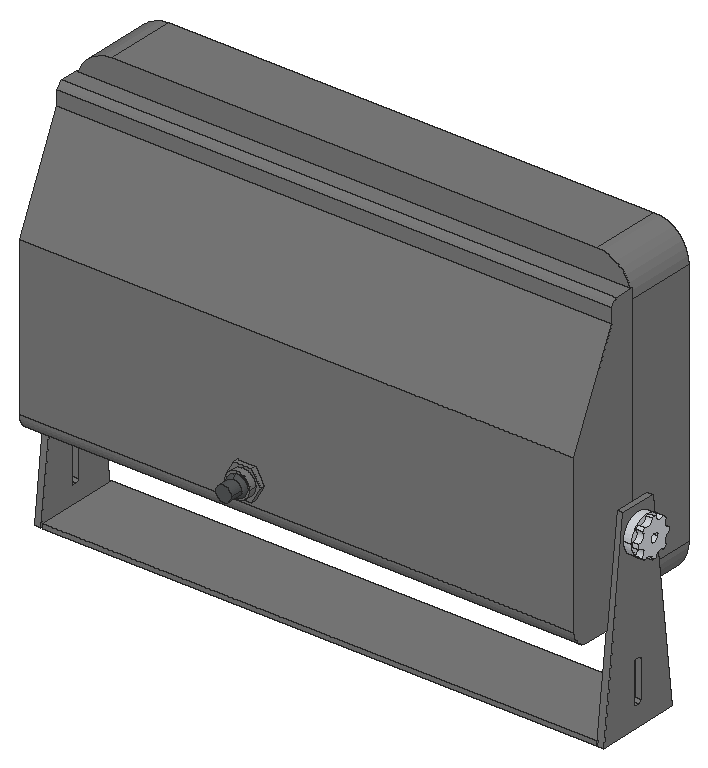
Revit family "WALL WASHER PRO_LV363WW.60", category Luminarias, Revit 2019 (continued)
Parameters (values of type "REFL_LV363WW.60")
    424.78  2598.60  2772.42  2873.95  2903.17  2932.39  2834.72  2737.05  2576.59  2353.34  \r\n 2130.09  1897.09  1664.09  1469.96  1314.71  1159.46  1004.21  848.96   693.71   538.46   \r\n 383.21   346.57   309.93   273.29   236.66   200.02   163.38   126.74   102.29   90.04    \r\n 77.78    72.30    66.81    61.33    55.84    50.36    44.87    39.39    33.91    28.42    \r\n 22.94    17.45    11.97    8.93     8.34     7.75     7.17     6.58     5.99     5.40     \r\n 4.81     \r\n5.46     6.49     7.52     8.55     9.58     10.62    11.65    12.68    15.75    20.86    \r\n 25.97    31.08    36.19    41.30    46.41    51.52    56.64    61.75    66.86    71.97    \r\n 77.08    90.89    104.70   136.17   185.28   234.40   283.52   332.63   381.75   430.87   \r\n 479.98   636.71   793.44   950.17   1106.89  1263.62  1420.35  1577.08  1755.65  1956.07  \r\n 2156.48  2309.49  2462.49  2550.82  2574.49  2598.15  2512.29  2426.42  2287.95  2096.88  \r\n 1905.81  1699.90  1494.00  1322.12  1184.26  1046.40  908.54   770.68   632.82   494.95   \r\n 357.09   323.52   289.94   256.36   222.79   189.21   155.63   122.06   99.42    87.71    \r\n 76.01    70.66    65.31    59.96    54.61    49.26    43.91    38.56    33.21    27.86    \r\n 22.51    17.16    11.81    8.85     8.28     7.70     7.12     6.54     5.97     5.39     \r\n 4.81     \r\n5.44     6.46     7.48     8.51     9.53     10.55    11.57    12.59    15.60    20.59    \r\n 25.58    30.57    35.56    40.55    45.54    50.53    55.52    60.51    65.50    70.48    \r\n 75.47    88.64    101.81   130.92   175.99   221.05   266.11   311.17   356.23   401.29   \r\n 446.35   583.68   721.02   858.35   995.69   1133.02  1270.35  1407.69  1563.57  1738.00  \r\n 1912.44  2044.33  2176.23  2252.60  2273.44  2294.27  2219.40  2144.52  2023.37  1855.96  \r\n 1688.55  1512.40  1336.24  1187.14  1065.10  943.05   821.00   698.96   576.91   454.86   \r\n 332.82   302.13   271.44   240.76   210.07   179.38   148.70   118.01   96.97    85.58    \r\n 74.19    68.98    63.76    58.55    53.34    48.12    42.91    37.70    32.49    27.27    \r\n 22.06    16.85    11.64    8.75     8.18     7.62     7.06     6.49     5.93     5.36     \r\n 4.80     \r\n5.44     6.45     7.46     8.47     9.48     10.49    11.50    12.51    15.44    20.30    \r\n 25.16    30.03    34.89    39.75    44.61    49.47    54.33    59.19    64.06    68.92    \r\n 73.78    86.55    99.32    126.16   167.05   207.95   248.84   289.74   330.63   371.53   \r\n 412.43   532.62   652.82   773.01   893.21   1013.40  1133.60  1253.79  1388.45  1537.58  \r\n 1686.70  1801.63  1916.55  1982.83  2000.46  2018.08  1953.98  1889.89  1785.85  1641.89  \r\n 1497.92  1344.65  1191.37  1061.04  953.65   846.26   738.87   631.49   524.10   416.71   \r\n 309.33   281.37   253.42   225.47   197.52   169.57   141.61   113.66   94.21    83.27    \r\n 72.32    67.25    62.18    57.11    52.04    46.97    41.90    36.83    31.76    26.68    \r\n 21.61    16.54    11.47    8.66     8.11     7.57     7.02     6.47     5.92     5.37     \r\n 4.82     \r\n5.43     6.43     7.42     8.42     9.42     10.41    11.41    12.41    15.28    20.02    \r\n 24.76    29.51    34.25    38.99    43.74    48.48    53.22    57.97    62.71    67.45    \r\n 72.19    84.36    96.53    121.31   158.69   196.07   233.45   270.83   308.20   345.58   \r\n 382.96   487.82   592.67   697.52   802.37   907.23   1012.08  1116.93  1232.75  1359.53  \r\n 1486.32  1585.54  1684.77  1742.45  1758.57  1774.70  1720.05  1665.40  1577.50  1456.35  \r\n 1335.19  1199.66  1064.12  949.17   854.81   760.44   666.08   571.72   477.35   382.99   \r\n 288.62   263.09   237.56   212.02   186.49   160.95   135.42   109.89   91.81    81.19    \r\n 70.56    65.62    60.68    55.74    50.80    45.86    40.92    35.98    31.04    26.10    \r\n 21.16    16.22    11.28    8.55     8.01     7.48     6.95     6.41     5.88     5.34     \r\n 4.81     \r\n5.44     6.42     7.41     8.39     9.37     10.35    11.34    12.32    15.12    19.74    \r\n 24.36    28.98    33.60    38.22    42.84    47.46    52.08    56.70    61.32    65.94    \r\n 70.56    82.29    94.01    116.83   150.76   184.69   218.62   252.54   286.47   320.40   \r\n 354.33   445.26   536.19   627.12   718.05   808.98   899.92   990.85   1093.19  1206.93  \r\n 1320.67  1399.49  1478.31  1524.50  1538.05  1551.59  1505.03  1458.46  1382.65  1277.59  \r\n 1172.53  1058.67  944.81   846.59   764.01   681.43   598.85   516.27   433.69   351.10   \r\n 268.52   245.31   222.10   198.89   175.68   152.46   129.25   106.04   89.31    79.05    \r\n 68.79    63.99    59.18    54.37    49.56    44.75    39.94    35.13    30.33    25.52    \r\n 20.71    15.90    11.09    8.43     7.91     7.40     6.88     6.36     5.85     5.33     \r\n 4.81     \r\n5.41     6.39     7.36     8.33     9.31     10.28    11.26    12.23    14.97    19.47    \r\n 23.97    28.47    32.97    37.47    41.97    46.47    50.97    55.47    59.97    64.47    \r\n 68.98    80.16    91.35    112.32   143.09   173.86   204.63   235.40   266.17   296.94   \r\n 327.71   406.42   485.12   563.83   642.54   721.25   799.96   878.67   965.44   1060.27  \r\n 1155.11  1224.15  1293.19  1336.11  1352.91  1369.71  1324.57  1279.44  1212.54  1123.88  \r\n 1035.22  937.80   840.38   755.57   683.37   611.17   538.96   466.76   394.55   322.35   \r\n 250.15   229.01   207.87   186.74   165.60   144.46   123.32   102.19   86.69    76.85    \r\n 67.00    62.33    57.65    52.97    48.30    43.62    38.95    34.27    29.59    24.92    \r\n 20.24    15.57    10.89    8.30     7.80     7.31     6.81     6.31     5.81     5.31     \r\n 4.81     \r\n5.42     6.38     7.34     8.30     9.26     10.22    11.18    12.14    14.81    19.19    \r\n 23.57    27.95    32.33    36.71    41.09    45.47    49.85    54.23    58.61    62.99    \r\n 67.37    78.06    88.75    108.01   135.83   163.65   191.46   219.28   247.10   274.92   \r\n 302.74   370.62   438.51   506.39   574.28   642.16   710.04   777.93   852.02   932.31   \r\n 1012.61  1071.48  1130.35  1165.43  1176.73  1188.03  1152.58  1117.13  1061.63  986.08   \r\n 910.53   826.91   743.29   670.25   607.81   545.36   482.91   420.46   358.01   295.57   \r\n 233.12   213.91   194.69   175.48   156.27   137.05   117.84   98.63    84.27    74.75    \r\n 65.24    60.70    56.15    51.61    47.06    42.52    37.97    33.43    28.88    24.33    \r\n 19.79    15.24    10.70    8.18     7.70     7.22     6.73     6.25     5.77     5.28     \r\n 4.80     \r\n5.43     6.37     7.31     8.25     9.19     10.14    11.08    12.02    14.62    18.88    \r\n 23.13    27.39    31.65    35.91    40.17    44.42    48.68    52.94    57.20    61.45    \r\n 65.71    75.96    86.21    103.88   128.99   154.09   179.19   204.30   229.40   254.50   \r\n 279.61   337.90   396.19   454.49   512.78   571.08   629.37   687.66   750.69   818.44   \r\n 886.19   936.31   986.43   1016.41  1026.28  1036.14  1005.64  975.13   929.07   867.44   \r\n 805.81   733.33   660.84   597.38   542.95   488.52   434.09   379.66   325.22   270.79   \r\n 216.36   199.01   181.66   164.32   146.97   129.62   112.27   94.92    81.71    72.63    \r\n 63.54    59.12    54.70    50.28    45.86    41.44    37.02    32.60    28.18    23.76    \r\n 19.34    14.92    10.50    8.06     7.59     7.13     6.66     6.20     5.74     5.27     \r\n 4.81     \r\n5.41     6.34     7.27     8.20     9.13     10.06    10.99    11.92    14.46    18.60    \r\n 22.75    26.89    31.03    35.18    39.32    43.46    47.61    51.75    55.89    60.04    \r\n 64.18    73.97    83.76    99.97    122.58   145.19   167.79   190.40   213.01   235.62   \r\n 258.23   307.94   357.65   407.36   457.08   506.79   556.50   606.21   659.38   716.01   \r\n 772.64   815.38   858.12   883.50   891.52   899.54   874.82   850.11   811.52   759.06   \r\n 706.60   645.31   584.02   529.99   483.21   436.42   389.64   342.86   296.08   249.30   \r\n 202.51   186.69   170.86   155.04   139.21   123.39   107.56   91.74    79.40    70.56    \r\n 61.71    57.43    53.14    48.86    44.58    40.29    36.01    31.73    27.45    23.16    \r\n 18.88    14.60    10.31    7.95     7.50     7.06     6.61     6.16     5.72     5.27     \r\n 4.82     \r\n5.48     6.38     7.28     8.18     9.09     9.99     10.89    11.79    14.26    18.29    \r\n 22.32    26.35    30.37    34.40    38.43    42.46    46.49    50.52    54.55    58.58    \r\n 62.61    71.94    81.27    96.05    116.28   136.51   156.73   176.96   197.19   217.42   \r\n 237.65   279.82   322.00   364.17   406.35   448.52   490.70   532.87   577.80   625.48   \r\n 673.15   708.70   744.24   765.53   772.54   779.56   758.89   738.23   706.41   663.44   \r\n 620.47   568.91   517.34   471.35   430.93   390.51   350.10   309.68   269.26   228.84   \r\n 188.42   174.10   159.79   145.48   131.16   116.85   102.53   88.22    76.85    68.44    \r\n 60.02    55.86    51.70    47.55    43.39    39.23    35.07    30.91    26.75    22.60    \r\n 18.44    14.28    10.12    7.83     7.40     6.97     6.54     6.11     5.68     5.25     \r\n 4.82     \r\n5.44     6.33     7.22     8.12     9.01     9.90     10.80    11.69    14.09    18.00    \r\n 21.91    25.82    29.73    33.64    37.55    41.46    45.37    49.28    53.19    57.10    \r\n 61.01    69.88    78.75    92.29    110.49   128.70   146.90   165.10   183.31   201.51   \r\n 219.72   255.55   291.38   327.21   363.04   398.86   434.69   470.52   507.90   546.81   \r\n 585.73   616.08   646.43   664.81   671.23   677.64   660.27   642.90   616.51   581.10   \r\n 545.69   502.14   458.58   419.40   384.59   349.78   314.96   280.15   245.34   210.53   \r\n 175.72   162.77   149.82   136.88   123.93   110.98   98.04    85.09    74.53    66.37    \r\n 58.20    54.18    50.16    46.14    42.11    38.09    34.07    30.05    26.03    22.00    \r\n 17.98    13.96    9.94     7.72     7.30     6.89     6.48     6.06     5.65     5.24     \r\n 4.82     \r\n5.42     6.30     7.18     8.06     8.94     9.82     10.71    11.59    13.92    17.72    \r\n 21.51    25.30    29.10    32.89    36.68    40.47    44.27    48.06    51.85    55.64    \r\n 59.44    67.94    76.44    88.81    105.06   121.31   137.56   153.80   170.05   186.30   \r\n 202.55   232.40   262.24   292.09   321.94   351.78   381.63   411.48   443.02   476.27   \r\n 509.52   533.94   558.37   573.57   579.56   585.55   572.18   558.81   537.19   507.32   \r\n 477.44   441.28   405.11   372.15   342.39   312.63   282.87   253.11   223.35   193.59   \r\n 163.83   152.11   140.39   128.67   116.95   105.23   93.51    81.79    72.04    64.25    \r\n 56.46    52.56    48.67    44.77    40.88    36.98    33.09    29.19    25.30    21.40    \r\n 17.51    13.61    9.72     7.57     7.18     6.78     6.39     5.99     5.60     5.20     \r\n 4.81     \r\n5.41     6.28     7.14     8.00     8.87     9.73     10.60    11.46    13.73    17.41    \r\n 21.10    24.78    28.46    32.14    35.82    39.51    43.19    46.87    50.55    54.23    \r\n 57.91    65.92    73.93    85.24    99.86    114.48   129.10   143.72   158.35   172.97   \r\n 187.59   212.37   237.15   261.92   286.70   311.48   336.26   361.04   386.91   413.88   \r\n 440.84   461.59   482.34   495.06   499.75   504.44   494.37   484.29   467.10   442.78   \r\n 418.46   388.87   359.27   331.73   306.23   280.73   255.23   229.72   204.22   178.72   \r\n 153.22   142.59   131.95   121.32   110.68   100.05   89.41    78.78    69.72    62.24    \r\n 54.76    50.99    47.22    43.46    39.69    35.92    32.16    28.39    24.62    20.86    \r\n 17.09    13.32    9.56     7.48     7.10     6.72     6.34     5.96     5.58     5.20     \r\n 4.82     \r\n5.41     6.26     7.11     7.96     8.81     9.66     10.52    11.37    13.57    17.14    \r\n 20.71    24.27    27.84    31.41    34.97    38.54    42.11    45.67    49.24    52.80    \r\n 56.37    64.00    71.64    82.02    95.14    108.26   121.39   134.51   147.63   160.76   \r\n 173.88   194.48   215.08   235.69   256.29   276.89   297.49   318.09   339.25   360.98   \r\n 382.71   399.24   415.76   426.21   430.58   434.95   427.45   419.95   406.40   386.80   \r\n 367.20   343.78   320.37   297.67   275.70   253.73   231.75   209.78   187.80   165.83   \r\n 143.85   134.12   124.38   114.65   104.92   95.18    85.45    75.72    67.30    60.19    \r\n 53.09    49.45    45.80    42.16    38.52    34.87    31.23    27.59    23.94    20.30    \r\n 16.66    13.02    9.37     7.37     7.01     6.64     6.28     5.92     5.55     5.19     \r\n 4.83     \r\n5.41     6.25     7.08     7.92     8.75     9.59     10.43    11.26    13.41    16.86    \r\n 20.32    23.77    27.22    30.68    34.13    37.59    41.04    44.49    47.95    51.40    \r\n 54.86    62.12    69.39    78.89    90.62    102.36   114.09   125.83   137.56   149.30   \r\n 161.03   178.30   195.57   212.83   230.10   247.37   264.63   281.90   298.63   314.83   \r\n 331.03   345.13   359.24   368.17   371.91   375.65   369.59   363.53   352.85   337.56   \r\n 322.27   302.54   282.81   263.74   245.34   226.94   208.54   190.14   171.74   153.33   \r\n 134.93   126.07   117.21   108.35   99.48    90.62    81.76    72.89    65.05    58.23    \r\n 51.40    47.88    44.37    40.85    37.33    33.81    30.30    26.78    23.26    19.74    \r\n 16.22    12.71    9.19     7.26     6.91     6.56     6.21     5.86     5.52     5.17     \r\n 4.82     \r\n5.43     6.25     7.07     7.88     8.70     9.52     10.34    11.16    13.24    16.58    \r\n 19.92    23.27    26.61    29.96    33.30    36.64    39.99    43.33    46.67    50.02    \r\n 53.36    60.24    67.12    75.86    86.46    97.06    107.66   118.27   128.87   139.47   \r\n 150.07   163.76   177.45   191.14   204.83   218.52   232.21   245.90   259.82   273.97   \r\n 288.13   302.12   316.11   323.09   323.06   323.04   319.58   316.12   308.16   295.69   \r\n 283.22   267.04   250.86   235.04   219.58   204.11   188.65   173.19   157.72   142.26   \r\n 126.80   118.69   110.58   102.48   94.37    86.26    78.16    70.05    62.74    56.24    \r\n 49.74    46.34    42.95    39.55    36.16    32.76    29.37    25.97    22.58    19.18    \r\n 15.78    12.39    8.99     7.13     6.80     6.47     6.15     5.82     5.49     5.16     \r\n 4.83     \r\n5.41     6.21     7.02     7.83     8.63     9.44     10.25    11.05    13.08    16.31    \r\n 19.55    22.78    26.02    29.25    32.49    35.72    38.96    42.20    45.43    48.67    \r\n 51.90    58.43    64.96    72.95    82.40    91.85    101.30   110.76   120.21   129.66   \r\n 139.11   150.31   161.50   172.70   183.89   195.09   206.28   217.48   228.59   239.62   \r\n 250.66   262.36   274.06   279.95   280.04   280.13   277.15   274.18   268.12   258.96   \r\n 249.81   236.49   223.18   210.02   197.03   184.04   171.04   158.05   145.06   132.07   \r\n 119.08   111.68   104.29   96.89    89.49    82.10    74.70    67.31    60.52    54.33    \r\n 48.14    44.86    41.59    38.31    35.03    31.76    28.48    25.20    21.93    18.65    \r\n 15.38    12.10    8.82     7.03     6.71     6.40     6.09     5.77     5.46     5.15     \r\n 4.83     \r\n5.41     6.20     6.99     7.78     8.57     9.36     10.15    10.94    12.90    16.04    \r\n 19.17    22.31    25.44    28.58    31.71    34.85    37.99    41.12    44.26    47.39    \r\n 50.53    56.70    62.88    70.19    78.62    87.05    95.48    103.91   112.34   120.77   \r\n 129.20   138.36   147.53   156.69   165.85   175.01   184.17   193.34   202.34   211.20   \r\n 220.05   226.75   233.45   238.06   240.58   243.09   241.58   240.06   235.87   229.02   \r\n 222.16   211.44   200.71   189.80   178.68   167.57   156.46   145.35   134.23   123.12   \r\n 112.01   105.25   98.49    91.74    84.98    78.22    71.46    64.70    58.37    52.45    \r\n 46.54    43.38    40.23    37.07    33.92    30.76    27.60    24.45    21.29    18.14    \r\n 14.98    11.83    8.67     6.94     6.64     6.34     6.04     5.74     5.44     5.14     \r\n 4.84     \r\n5.42     6.19     6.97     7.75     8.53     9.30     10.08    10.86    12.76    15.79    \r\n 18.82    21.85    24.88    27.91    30.94    33.96    36.99    40.02    43.05    46.08    \r\n 49.11    54.96    60.80    67.51    75.07    82.63    90.19    97.76    105
